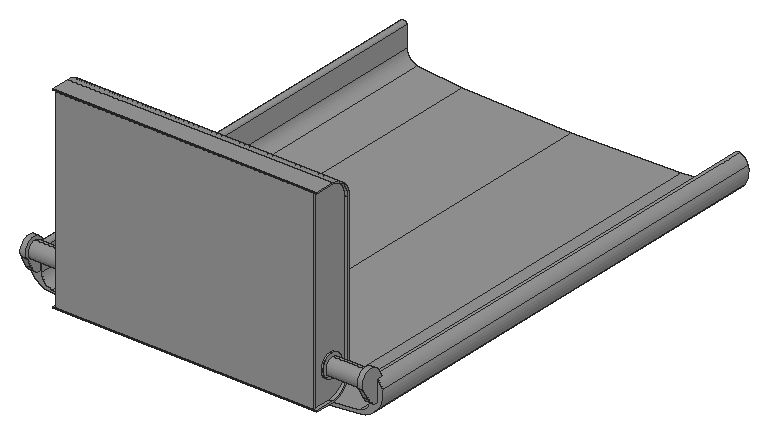
Revit family "3200 Björk Baby changing station", category Furniture Systems, host Wall, Revit 2017
Family settings
  Host = Wall
  Round Connector Dimension = Use Diameter
  Part Type = Normal
  Always vertical = Yes
  Cut with Voids When Loaded = No
  Shared = No
  Room Calculation Point = No
Parameters (values of type "OSLO")
  URL = "http://www.dandryer.com/en-gb/products/baby-changing-stations/3200-bjork-baby-changing-station--white"
  UP = not(Down)  # no
  Type Image = <None>
  Surface = WHITE
  Model = "Björk-3200"
  Manufacturer = "Dan Dryer A/S"
  Down = yes
  Description = "Baby changing table"
  Cost = 0
Types (6, lengths in mm): name | URL | Model | Manufacturer | Description
  BIRK | "http://www.dandryer.dk/da-dk/produkter/produktserie-%E2%80%93-bjork/3000-bjork-haandtoerrer--hvid" | "Björk-3000" | "Dan Dryer" | "Touch-free hand dryer"
  GEO WHITE | "http://www.dandryer.dk/da-dk/produkter/produktserie-%E2%80%93-bjork/3000-bjork-haandtoerrer--hvid" | "Björk-3000" | "Dan Dryer" | "Touch-free hand dryer"
  GRIGIO LONDRA | "http://www.dandryer.dk/da-dk/produkter/produktserie-%E2%80%93-bjork/3000-bjork-haandtoerrer--hvid" | "Björk-3000" | "Dan Dryer" | "Touch-free hand dryer"
  NEGRO INGO | "http://www.dandryer.dk/da-dk/produkter/produktserie-%E2%80%93-bjork/3000-bjork-haandtoerrer--hvid" | "Björk-3000" | "Dan Dryer" | "Touch-free hand dryer"
  OSLO | "http://www.dandryer.com/en-gb/products/baby-changing-stations/3200-bjork-baby-changing-station--white" | "Björk-3200" | "Dan Dryer A/S" | "Baby changing table"
  BIANCO MALE | "http://www.dandryer.dk/da-dk/produkter/produktserie-%E2%80%93-bjork/3000-bjork-haandtoerrer--hvid" | "Björk-3000" | "Dan Dryer" | "Touch-free hand dryer"
Reference planes
  plane 1 "Wall": y = 0
  plane 2 "Center (Left/Right)": x = 125
  plane 3 "Back": y = 75
Forms (mm)
  Extrusion 1, solid, material "WHITE", not visible
    sketch origin (0, 0, 0) x (1, 0, 0) y (0, 1, 0)
      loop
        arc (42.212, 95.366) -> (42.426, 94.946) -> (42.5, 94.481) r 1.5
        line (42.5, 94.481) -> (42.5, 75.3) -> (43.7, 75.3) -> (43.7, 94.481)
        arc (43.7, 94.481) -> (43.567, 95.318) -> (43.181, 96.073) r 2.7
        arc (43.181, 96.073) -> (125, 257.1) -> (206.819, 96.073) r 101.3
        arc (206.819, 96.073) -> (206.433, 95.318) -> (206.3, 94.481) r 2.7
        line (206.3, 94.481) -> (206.3, 75.3) -> (207.5, 75.3) -> (207.5, 94.481)
        arc (207.5, 94.481) -> (207.574, 94.946) -> (207.788, 95.366) r 1.5
        arc (207.788, 95.366) -> (125, 258.3) -> (42.212, 95.366) r 102.5
    from 900 to 1230
  Extrusion 2, void, not visible
    sketch origin (207.5, 94.481, 0) x (0, 1, 0) y (0, 0, -1)
      loop
        line (-19.181, -1225) -> (-19.181, -1230) -> (6.154, -1230)
        arc (6.154, -1230) -> (3.068, -1228.36) -> (2.105, -1225) r 4.47
        line (2.105, -1225) -> (-19.181, -1225)
    from -10.952 to 170.161
  Extrusion 3, void, not visible
    sketch origin (207.5, 94.481, 2130) x (0, 1, 0) y (0, 0, -1)
      loop
        line (-19.181, 1225) -> (2.105, 1225)
        arc (2.105, 1225) -> (3.068, 1228.36) -> (6.154, 1230) r 4.47
        line (6.154, 1230) -> (-19.181, 1230) -> (-19.181, 1225)
    from -6 to 179.451
  Extrusion 4, solid, not visible
    sketch origin (207.5, 75.3, 907) x (0, 1, 0) y (-1, 0, 0)
      loop
        line (0, 163.8) -> (0, 1.2) -> (19.181, 1.2)
        arc (19.181, 1.2) -> (20.018, 1.067) -> (20.773, 0.681) r 2.7
        arc (20.773, 0.681) -> (181.8, 82.5) -> (20.773, 164.319) r 101.3
        arc (20.773, 164.319) -> (20.018, 163.933) -> (19.181, 163.8) r 2.7
        line (19.181, 163.8) -> (0, 163.8)
    from 0 to -2
  Extrusion 5, void, not visible
    sketch origin (206.3, 75.3, 0) x (-1, 0, 0) y (0, 0, 1)
      loop
        arc (83.312, 976) -> (81.303, 978.014) -> (79.288, 976) r 2.012
        line (79.288, 976) -> (79.285, 930)
        arc (79.285, 930) -> (81.297, 927.986) -> (83.312, 930) r 2.012
        line (83.312, 930) -> (83.312, 976)
    from 174.915 to 189.234
  Extrusion 6, solid, not visible
    sketch origin (206.3, 75.3, 0) x (1, 0, 0) y (0, 0, 1)
      loop
        line (-83.312, 975.984) -> (-83.312, 930)
        arc (-83.312, 930) -> (-81.291, 928.118) -> (-79.287, 930.016) r 2.015
        line (-79.287, 930.016) -> (-79.288, 976)
        arc (-79.288, 976) -> (-81.309, 977.882) -> (-83.312, 975.984) r 2.015
    from -182.98 to -174.915
  Extrusion 7, solid, not visible
    sketch origin (0, 0, 0) x (1, 0, 0) y (0, 1, 0)
      loop
        arc (42.212, 95.366) -> (42.426, 94.946) -> (42.5, 94.481) r 1.5
        line (42.5, 94.481) -> (42.5, 75.3) -> (43.7, 75.3) -> (43.7, 94.481)
        arc (43.7, 94.481) -> (43.567, 95.318) -> (43.181, 96.073) r 2.7
        arc (43.181, 96.073) -> (125, 257.1) -> (206.819, 96.073) r 101.3
        arc (206.819, 96.073) -> (206.433, 95.318) -> (206.3, 94.481) r 2.7
        line (206.3, 94.481) -> (206.3, 75.3) -> (207.5, 75.3) -> (207.5, 94.481)
        arc (207.5, 94.481) -> (207.574, 94.946) -> (207.788, 95.366) r 1.5
        arc (207.788, 95.366) -> (125, 258.3) -> (42.212, 95.366) r 102.5
    from 900 to 1230
Text (mm)
  text "Placement Side" at (-1848.837, 1116.779, 0), in view "Ref. Level"
  text "Placement side" at (0, 1409.804, 2854.306), in view "Left"
  text "Placement side" at (0, 499.811, 2980.732), in view "Right"
Dimensions and locks
  locked: plane 3 "Back" to host wall
  aligned and locked: plane 1 "Wall" to host wall
  aligned and locked: plane 3 "Back" to nested 1
  aligned and locked: host wall to nested 1
Nested families
  nested 1: "Baby Changing station" at (125, 75, 1100), type "Baby Changing station"
    with Table up no
Definition of nested family "Baby Changing station"
  Parameters (values of type "Master changing table")
    Table up = yes
    Table down = yes
    Surface = none
  Reference planes
    plane 1 "Center (Front/Back)": y = 0
    plane 2: z = 0
    plane 3 "Center (Left/Right)": x = 0
  Forms (mm)
    Extrusion 1, solid, material <- "Surface"
      sketch origin (205, 367.912, 256.022) x (0, 1, 0) y (0, 0, 1)
        loop
          line (-368.006, 0) -> (-368.006, -1.5) -> (-337.756, -1.5)
          arc (-337.756, -1.5) -> (-316.543, -10.287) -> (-307.756, -31.5) r 30
          line (-307.756, -31.5) -> (-307.756, -273.5)
          arc (-307.756, -273.5) -> (-316.543, -294.713) -> (-337.756, -303.5) r 30
          line (-337.756, -303.5) -> (-368.006, -303.5) -> (-368.006, -305) -> (-337.756, -305)
          arc (-337.756, -305) -> (-315.482, -295.774) -> (-306.256, -273.5) r 31.5
          line (-306.256, -273.5) -> (-306.256, -31.5)
          arc (-306.256, -31.5) -> (-315.482, -9.226) -> (-337.756, 0) r 31.5
          line (-337.756, 0) -> (-368.006, 0)
      from -410.457 to 0.457
    Extrusion 2, solid, material <- "Surface"
      sketch origin (-200, 30.056, 103.522) x (0, -1, 0) y (0, 0, 1)
        loop
          line (28.149, 150) -> (0.649, 150)
          arc (0.649, 150) -> (-20.564, 141.213) -> (-29.351, 120) r 30
          line (-29.351, 120) -> (-29.351, -120)
          arc (-29.351, -120) -> (-20.564, -141.213) -> (0.649, -150) r 30
          line (0.649, -150) -> (28.149, -150) -> (28.149, 150)
      from 0 to -1.5
    Extrusion 3, solid, material <- "Surface"
      sketch origin (200, 30.056, 103.522) x (0, -1, 0) y (0, 0, -1)
        loop
          line (28.149, -150) -> (28.149, 150) -> (0.649, 150)
          arc (0.649, 150) -> (-20.564, 141.213) -> (-29.351, 120) r 30
          line (-29.351, 120) -> (-29.351, -120)
          arc (-29.351, -120) -> (-20.564, -141.213) -> (0.649, -150) r 30
          line (0.649, -150) -> (28.149, -150)
      from 0 to -1.5
    Extrusion 4, solid, material <- "Surface", visible <- "Table down"
      sketch origin (0, 750.106, -53.254) x (-1, 0, 0) y (0, 0, 1)
        loop
          line (-255, 19.726) -> (-255, 51.373)
          arc (-255, 51.373) -> (-257.243, 55.544) -> (-261.96, 55.973) r 5
          arc (-261.96, 55.973) -> (-270.039, 50.067) -> (-274.685, 41.203) r 22.097
          arc (-274.685, 41.203) -> (-275.07, 26.076) -> (-268.731, 12.336) r 33.351
          arc (-268.731, 12.336) -> (-256.485, 1.616) -> (-241.13, -3.778) r 42.947
          arc (-241.13, -3.778) -> (-205.836, -8.031) -> (-170.362, -10.357) r 652.663
          arc (-170.362, -10.357) -> (-85.196, -12.728) -> (0, -13.33) r 4102.572
          arc (0, -13.33) -> (85.196, -12.728) -> (170.362, -10.357) r 4102.572
          arc (170.362, -10.357) -> (205.836, -8.031) -> (241.13, -3.778) r 652.663
          arc (241.13, -3.778) -> (256.485, 1.616) -> (268.731, 12.336) r 42.947
          arc (268.731, 12.336) -> (275.07, 26.076) -> (274.685, 41.203) r 33.351
          arc (274.685, 41.203) -> (270.039, 50.067) -> (261.96, 55.973) r 22.097
          arc (261.96, 55.973) -> (257.243, 55.544) -> (255, 51.373) r 5
          line (255, 51.373) -> (255, 19.726)
          arc (255, 19.726) -> (250.375, 7.3) -> (238.751, 0.923) r 19.004
          arc (238.751, 0.923) -> (204.558, -3.146) -> (170.196, -5.363) r 637.149
          arc (170.196, -5.363) -> (85.113, -7.758) -> (0, -8.582) r 4609.967
          arc (0, -8.582) -> (-85.113, -7.758) -> (-170.196, -5.363) r 4609.967
          arc (-170.196, -5.363) -> (-204.558, -3.146) -> (-238.751, 0.923) r 637.149
          arc (-238.751, 0.923) -> (-250.375, 7.3) -> (-255, 19.726) r 19.004
      from -709.566 to 0
    Extrusion 5, solid, material <- "Surface", visible <- "Table down"
      sketch origin (258, 29.906, 2.522) x (0, 0, 1) y (0, 1, 0)
        loop
          line (8.4, 14.549) -> (-2.6, 20.9)
          arc (-2.6, 20.9) -> (-4.503, 22.803) -> (-5.2, 25.403) r 5.2
          line (-5.2, 25.403) -> (-5.2, 41.674) -> (-6, 41.383) -> (-6, 177.6)
          arc (-6, 177.6) -> (-6.879, 179.721) -> (-9, 180.6) r 3
          line (-9, 180.6) -> (-33, 180.6)
          arc (-33, 180.6) -> (-35.121, 179.721) -> (-36, 177.6) r 3
          line (-36, 177.6) -> (-36, 30.464) -> (-36.8, 30.172) -> (-36.8, 16.166)
          arc (-36.8, 16.166) -> (-33.477, 3.766) -> (-24.4, -5.312) r 24.8
          line (-24.4, -5.312) -> (-8.4, -14.549)
          arc (-8.4, -14.549) -> (14.549, -8.4) -> (8.4, 14.549) r 16.8
      from -8 to 0
    Extrusion 6, solid, material <- "Surface", visible <- "Table down"
      sketch origin (-266, 29.906, 2.522) x (0, 0, 1) y (0, 1, 0)
        loop
          line (8.4, 14.549) -> (-2.6, 20.9)
          arc (-2.6, 20.9) -> (-4.503, 22.803) -> (-5.2, 25.403) r 5.2
          line (-5.2, 25.403) -> (-5.2, 41.674) -> (-6, 41.383) -> (-6, 177.6)
          arc (-6, 177.6) -> (-6.879, 179.721) -> (-9, 180.6) r 3
          line (-9, 180.6) -> (-33, 180.6)
          arc (-33, 180.6) -> (-35.121, 179.721) -> (-36, 177.6) r 3
          line (-36, 177.6) -> (-36, 30.464) -> (-36.8, 30.172) -> (-36.8, 16.166)
          arc (-36.8, 16.166) -> (-33.477, 3.766) -> (-24.4, -5.312) r 24.8
          line (-24.4, -5.312) -> (-8.4, -14.549)
          arc (-8.4, -14.549) -> (14.549, -8.4) -> (8.4, 14.549) r 16.8
      from -8 to 0
    Extrusion 7, solid, material <- "Surface"
      sketch origin (-258, 31.072, 1.856) x (0, 0, -1) y (0, 1, 0)
        loop
          circle (-0.065, 0.035) r 17.549
      from 53 to 462.5
    Extrusion 8, solid, material <- "Surface", visible <- "Table up"
      sketch origin (0, 85.702, 722.747) x (-1, 0, 0) y (0, -1, 0)
        loop
          line (-255, 19.726) -> (-255, 51.373)
          arc (-255, 51.373) -> (-257.243, 55.544) -> (-261.96, 55.973) r 5
          arc (-261.96, 55.973) -> (-270.039, 50.067) -> (-274.685, 41.203) r 22.097
          arc (-274.685, 41.203) -> (-275.07, 26.076) -> (-268.731, 12.336) r 33.351
          arc (-268.731, 12.336) -> (-256.485, 1.616) -> (-241.13, -3.778) r 42.947
          arc (-241.13, -3.778) -> (-205.836, -8.031) -> (-170.362, -10.357) r 652.663
          arc (-170.362, -10.357) -> (-85.196, -12.728) -> (0, -13.33) r 4102.572
          arc (0, -13.33) -> (85.196, -12.728) -> (170.362, -10.357) r 4102.572
          arc (170.362, -10.357) -> (205.836, -8.031) -> (241.13, -3.778) r 652.663
          arc (241.13, -3.778) -> (256.485, 1.616) -> (268.731, 12.336) r 42.947
          arc (268.731, 12.336) -> (275.07, 26.076) -> (274.685, 41.203) r 33.351
          arc (274.685, 41.203) -> (270.039, 50.067) -> (261.96, 55.973) r 22.097
          arc (261.96, 55.973) -> (257.243, 55.544) -> (255, 51.373) r 5
          line (255, 51.373) -> (255, 19.726)
          arc (255, 19.726) -> (250.375, 7.3) -> (238.751, 0.923) r 19.004
          arc (238.751, 0.923) -> (204.558, -3.146) -> (170.196, -5.363) r 637.149
          arc (170.196, -5.363) -> (85.113, -7.758) -> (0, -8.582) r 4609.967
          arc (0, -8.582) -> (-85.113, -7.758) -> (-170.196, -5.363) r 4609.967
          arc (-170.196, -5.363) -> (-204.558, -3.146) -> (-238.751, 0.923) r 637.149
          arc (-238.751, 0.923) -> (-250.375, 7.3) -> (-255, 19.726) r 19.004
      from -709.566 to 0
    Extrusion 9, solid, material <- "Surface", visible <- "Table up"
      sketch origin (258, 29.925, 2.547) x (0, -1, 0) y (0, 0, 1)
        loop
          line (8.4, 14.549) -> (-2.6, 20.9)
          arc (-2.6, 20.9) -> (-4.503, 22.803) -> (-5.2, 25.403) r 5.2
          line (-5.2, 25.403) -> (-5.2, 41.674) -> (-6, 41.383) -> (-6, 177.6)
          arc (-6, 177.6) -> (-6.879, 179.721) -> (-9, 180.6) r 3
          line (-9, 180.6) -> (-33, 180.6)
          arc (-33, 180.6) -> (-35.121, 179.721) -> (-36, 177.6) r 3
          line (-36, 177.6) -> (-36, 30.464) -> (-36.8, 30.172) -> (-36.8, 16.166)
          arc (-36.8, 16.166) -> (-33.477, 3.766) -> (-24.4, -5.312) r 24.8
          line (-24.4, -5.312) -> (-8.4, -14.549)
          arc (-8.4, -14.549) -> (14.549, -8.4) -> (8.4, 14.549) r 16.8
      from -8 to 0
    Extrusion 10, solid, material <- "Surface", visible <- "Table up"
      sketch origin (-266, 29.925, 2.547) x (0, -1, 0) y (0, 0, 1)
        loop
          line (8.4, 14.549) -> (-2.6, 20.9)
          arc (-2.6, 20.9) -> (-4.503, 22.803) -> (-5.2, 25.403) r 5.2
          line (-5.2, 25.403) -> (-5.2, 41.674) -> (-6, 41.383) -> (-6, 177.6)
          arc (-6, 177.6) -> (-6.879, 179.721) -> (-9, 180.6) r 3
          line (-9, 180.6) -> (-33, 180.6)
          arc (-33, 180.6) -> (-35.121, 179.721) -> (-36, 177.6) r 3
          line (-36, 177.6) -> (-36, 30.464) -> (-36.8, 30.172) -> (-36.8, 16.166)
          arc (-36.8, 16.166) -> (-33.477, 3.766) -> (-24.4, -5.312) r 24.8
          line (-24.4, -5.312) -> (-8.4, -14.549)
          arc (-8.4, -14.549) -> (14.549, -8.4) -> (8.4, 14.549) r 16.8
      from -8 to 0
    Extrusion 11, solid, material <- "Surface"
      sketch origin (-258, 30.572, 1.856) x (0, 0, -1) y (0, 1, 0)
        loop
          circle (-0.065, 0.035) r 13.035
      from 0 to 516
    Extrusion 12, solid, material <- "Surface"
      sketch origin (-258, 30.572, 1.856) x (0, 0, -1) y (0, 1, 0)
        loop
          circle (-0.065, 0.035) r 16.835
      from 54.88 to 461.953
    Extrusion 13, solid, material <- "Surface"
      sketch origin (-5125, -0.094, -947.478) x (-1, 0, 0) y (0, 0, 1)
        loop
          line (-5325, 1202) -> (-5325, 900) -> (-4925, 900) -> (-4925, 1202) -> (-5325, 1202)
      from 0 to 2
    Extrusion 14, solid, not visible
      sketch origin (-5000, 75, 0) x (-1, 0, 0) y (0, 0, 1)
        loop
          line (-5325, 1202) -> (-5325, 900) -> (-4925, 900) -> (-4925, 1202) -> (-5325, 1202)
      from 0 to 2
    Extrusion 15, solid, not visible
      sketch origin (330, 443.006, 1203.5) x (0, 1, 0) y (0, 0, 1)
        loop
          line (-368.006, 0) -> (-368.006, -1.5) -> (-337.756, -1.5)
          arc (-337.756, -1.5) -> (-316.543, -10.287) -> (-307.756, -31.5) r 30
          line (-307.756, -31.5) -> (-307.756, -273.5)
          arc (-307.756, -273.5) -> (-316.543, -294.713) -> (-337.756, -303.5) r 30
          line (-337.756, -303.5) -> (-368.006, -303.5) -> (-368.006, -305) -> (-337.756, -305)
          arc (-337.756, -305) -> (-315.482, -295.774) -> (-306.256, -273.5) r 31.5
          line (-306.256, -273.5) -> (-306.256, -31.5)
          arc (-306.256, -31.5) -> (-315.482, -9.226) -> (-337.756, 0) r 31.5
          line (-337.756, 0) -> (-368.006, 0)
      from -410.457 to 0.457
    Sweep 16, void, not visible
      path origin (330, 443.006, 1203.5) x (0, 1, 0) y (0, 0, 1)
        loop
          line (-368.006, -305) -> (-337.756, -305)
          arc (-337.756, -305) -> (-315.482, -295.774) -> (-306.256, -273.5) r 31.5
          line (-306.256, -273.5) -> (-306.256, -31.5)
          arc (-306.256, -31.5) -> (-315.482, -9.226) -> (-337.756, 0) r 31.5
          line (-337.756, 0) -> (-368.006, 0)
      profile origin (330, 90.125, 1203.5) x (0, 0, -1) y (1, 0, 0)
        loop
          line (0, 0.457) -> (0, -0.75)
          arc (0, -0.75) -> (0.75, 0) -> (1.5, -0.75) r 0.75
          line (1.5, -0.75) -> (1.5, 0.457) -> (0, 0.457)
    Sweep 17, void, not visible
      path origin (-80, 443.006, 1203.5) x (0, 1, 0) y (0, 0, -1)
        loop
          line (-368.006, 305) -> (-337.756, 305)
          arc (-337.756, 305) -> (-315.482, 295.774) -> (-306.256, 273.5) r 31.5
          line (-306.256, 273.5) -> (-306.256, 31.5)
          arc (-306.256, 31.5) -> (-315.482, 9.226) -> (-337.756, 0) r 31.5
          line (-337.756, 0) -> (-368.006, 0)
      profile origin (-80, 90.125, 1203.5) x (0, 0, 1) y (-1, 0, 0)
        loop
          line (0, 0.457) -> (-1.5, 0.457) -> (-1.5, -0.75)
          arc (-1.5, -0.75) -> (-0.75, 0) -> (0, -0.75) r 0.75
          line (0, -0.75) -> (0, 0.457)
    Extrusion 18, solid, not visible
      sketch origin (-75, 105.149, 1051) x (0, -1, 0) y (0, 0, 1)
        loop
          line (28.149, 150) -> (0.649, 150)
          arc (0.649, 150) -> (-20.564, 141.213) -> (-29.351, 120) r 30
          line (-29.351, 120) -> (-29.351, -120)
          arc (-29.351, -120) -> (-20.564, -141.213) -> (0.649, -150) r 30
          line (0.649, -150) -> (28.149, -150) -> (28.149, 150)
      from 0 to -1.5
    Extrusion 19, solid, not visible
      sketch origin (325, 105.149, 1051) x (0, -1, 0) y (0, 0, -1)
        loop
          line (28.149, -150) -> (28.149, 150) -> (0.649, 150)
          arc (0.649, 150) -> (-20.564, 141.213) -> (-29.351, 120) r 30
          line (-29.351, 120) -> (-29.351, -120)
          arc (-29.351, -120) -> (-20.564, -141.213) -> (0.649, -150) r 30
          line (0.649, -150) -> (28.149, -150)
      from 0 to -1.5
    Extrusion 20, void, not visible
      sketch origin (-75, 105.149, 1051) x (0, 1, 0) y (0, 0, 1)
        loop
          circle (-0.114, -100.935) r 17.549
      from 404.5 to -5
    Extrusion 21, solid, visible <- "Table down", not visible
      sketch origin (125, 825.199, 894.224) x (-1, 0, 0) y (0, 0, 1)
        loop
          line (-255, 19.726) -> (-255, 51.373)
          arc (-255, 51.373) -> (-257.243, 55.544) -> (-261.96, 55.973) r 5
          arc (-261.96, 55.973) -> (-270.039, 50.067) -> (-274.685, 41.203) r 22.097
          arc (-274.685, 41.203) -> (-275.07, 26.076) -> (-268.731, 12.336) r 33.351
          arc (-268.731, 12.336) -> (-256.485, 1.616) -> (-241.13, -3.778) r 42.947
          arc (-241.13, -3.778) -> (-205.836, -8.031) -> (-170.362, -10.357) r 652.663
          arc (-170.362, -10.357) -> (-85.196, -12.728) -> (0, -13.33) r 4102.572
          arc (0, -13.33) -> (85.196, -12.728) -> (170.362, -10.357) r 4102.572
          arc (170.362, -10.357) -> (205.836, -8.031) -> (241.13, -3.778) r 652.663
          arc (241.13, -3.778) -> (256.485, 1.616) -> (268.731, 12.336) r 42.947
          arc (268.731, 12.336) -> (275.07, 26.076) -> (274.685, 41.203) r 33.351
          arc (274.685, 41.203) -> (270.039, 50.067) -> (261.96, 55.973) r 22.097
          arc (261.96, 55.973) -> (257.243, 55.544) -> (255, 51.373) r 5
          line (255, 51.373) -> (255, 19.726)
          arc (255, 19.726) -> (250.375, 7.3) -> (238.751, 0.923) r 19.004
          arc (238.751, 0.923) -> (204.558, -3.146) -> (170.196, -5.363) r 637.149
          arc (170.196, -5.363) -> (85.113, -7.758) -> (0, -8.582) r 4609.967
          arc (0, -8.582) -> (-85.113, -7.758) -> (-170.196, -5.363) r 4609.967
          arc (-170.196, -5.363) -> (-204.558, -3.146) -> (-238.751, 0.923) r 637.149
          arc (-238.751, 0.923) -> (-250.375, 7.3) -> (-255, 19.726) r 19.004
      from -709.566 to 0
    Sweep 22, void, not visible
      path origin (125, 825.199, 894.224) x (-1, 0, 0) y (0, 0, 1)
        loop
          arc (-261.96, 55.973) -> (-270.039, 50.067) -> (-274.685, 41.203) r 22.097
          arc (-274.685, 41.203) -> (-275.07, 26.076) -> (-268.731, 12.336) r 33.351
          arc (-268.731, 12.336) -> (-256.485, 1.616) -> (-241.13, -3.778) r 42.947
          arc (-241.13, -3.778) -> (-205.836, -8.031) -> (-170.362, -10.357) r 652.663
          arc (-170.362, -10.357) -> (-85.196, -12.728) -> (0, -13.33) r 4102.572
          arc (0, -13.33) -> (85.196, -12.728) -> (170.362, -10.357) r 4102.572
          arc (170.362, -10.357) -> (205.836, -8.031) -> (241.13, -3.778) r 652.663
          arc (241.13, -3.778) -> (256.485, 1.616) -> (268.731, 12.336) r 42.947
          arc (268.731, 12.336) -> (275.07, 26.076) -> (274.685, 41.203) r 33.351
          arc (274.685, 41.203) -> (270.039, 50.067) -> (261.96, 55.973) r 22.097
          arc (261.96, 55.973) -> (257.243, 55.544) -> (255, 51.373) r 5
          line (255, 51.373) -> (255, 19.726)
          arc (255, 19.726) -> (250.375, 7.3) -> (238.751, 0.923) r 19.004
          arc (238.751, 0.923) -> (204.558, -3.146) -> (170.196, -5.363) r 637.149
          arc (170.196, -5.363) -> (85.113, -7.758) -> (0, -8.582) r 4609.967
          arc (0, -8.582) -> (-85.113, -7.758) -> (-170.196, -5.363) r 4609.967
          arc (-170.196, -5.363) -> (-204.558, -3.146) -> (-238.751, 0.923) r 637.149
          arc (-238.751, 0.923) -> (-250.375, 7.3) -> (-255, 19.726) r 19.004
          line (-255, 19.726) -> (-255, 51.373)
          arc (-255, 51.373) -> (-257.243, 55.544) -> (-261.96, 55.973) r 5
      profile origin (395.039, 825.199, 944.291) x (-0.757606, 0, -0.652712) y (0, 1, 0)
        loop
          arc (0, -1.006) -> (0.295, -0.295) -> (1.006, 0) r 1.006
          line (1.006, 0) -> (0, 0) -> (0, -1.006)
    Extrusion 23, void, not visible
      sketch origin (-141, 105, 950) x (0, 0, 1) y (0, 1, 0)
        loop
          line (-93.281, 10.633) -> (14.517, 10.633) -> (14.517, 49.868) -> (-93.281, 10.633)
      from -603.294 to 94
    Extrusion 24, solid, visible <- "Table down", not visible
      sketch origin (383, 105, 950) x (0, 0, 1) y (0, 1, 0)
        loop
          line (8.4, 14.549) -> (-2.6, 20.9)
          arc (-2.6, 20.9) -> (-4.503, 22.803) -> (-5.2, 25.403) r 5.2
          line (-5.2, 25.403) -> (-5.2, 41.674) -> (-6, 41.383) -> (-6, 177.6)
          arc (-6, 177.6) -> (-6.879, 179.721) -> (-9, 180.6) r 3
          line (-9, 180.6) -> (-33, 180.6)
          arc (-33, 180.6) -> (-35.121, 179.721) -> (-36, 177.6) r 3
          line (-36, 177.6) -> (-36, 30.464) -> (-36.8, 30.172) -> (-36.8, 16.166)
          arc (-36.8, 16.166) -> (-33.477, 3.766) -> (-24.4, -5.312) r 24.8
          line (-24.4, -5.312) -> (-8.4, -14.549)
          arc (-8.4, -14.549) -> (14.549, -8.4) -> (8.4, 14.549) r 16.8
      from -8 to 0
    Extrusion 25, solid, visible <- "Table down", not visible
      sketch origin (-141, 105, 950) x (0, 0, 1) y (0, 1, 0)
        loop
          line (8.4, 14.549) -> (-2.6, 20.9)
          arc (-2.6, 20.9) -> (-4.503, 22.803) -> (-5.2, 25.403) r 5.2
          line (-5.2, 25.403) -> (-5.2, 41.674) -> (-6, 41.383) -> (-6, 177.6)
          arc (-6, 177.6) -> (-6.879, 179.721) -> (-9, 180.6) r 3
          line (-9, 180.6) -> (-33, 180.6)
          arc (-33, 180.6) -> (-35.121, 179.721) -> (-36, 177.6) r 3
          line (-36, 177.6) -> (-36, 30.464) -> (-36.8, 30.172) -> (-36.8, 16.166)
          arc (-36.8, 16.166) -> (-33.477, 3.766) -> (-24.4, -5.312) r 24.8
          line (-24.4, -5.312) -> (-8.4, -14.549)
          arc (-8.4, -14.549) -> (14.549, -8.4) -> (8.4, 14.549) r 16.8
      from -8 to 0
    Extrusion 26, solid, not visible
      sketch origin (-133, 106.166, 949.334) x (0, 0, -1) y (0, 1, 0)
        loop
          circle (-0.065, 0.035) r 17.549
      from 53 to 462.5
    Extrusion 27, solid, visible <- "Table up", not visible
      sketch origin (125, 160.795, 1670.224) x (-1, 0, 0) y (0, -1, 0)
        loop
          line (-255, 19.726) -> (-255, 51.373)
          arc (-255, 51.373) -> (-257.243, 55.544) -> (-261.96, 55.973) r 5
          arc (-261.96, 55.973) -> (-270.039, 50.067) -> (-274.685, 41.203) r 22.097
          arc (-274.685, 41.203) -> (-275.07, 26.076) -> (-268.731, 12.336) r 33.351
          arc (-268.731, 12.336) -> (-256.485, 1.616) -> (-241.13, -3.778) r 42.947
          arc (-241.13, -3.778) -> (-205.836, -8.031) -> (-170.362, -10.357) r 652.663
          arc (-170.362, -10.357) -> (-85.196, -12.728) -> (0, -13.33) r 4102.572
          arc (0, -13.33) -> (85.196, -12.728) -> (170.362, -10.357) r 4102.572
          arc (170.362, -10.357) -> (205.836, -8.031) -> (241.13, -3.778) r 652.663
          arc (241.13, -3.778) -> (256.485, 1.616) -> (268.731, 12.336) r 42.947
          arc (268.731, 12.336) -> (275.07, 26.076) -> (274.685, 41.203) r 33.351
          arc (274.685, 41.203) -> (270.039, 50.067) -> (261.96, 55.973) r 22.097
          arc (261.96, 55.973) -> (257.243, 55.544) -> (255, 51.373) r 5
          line (255, 51.373) -> (255, 19.726)
          arc (255, 19.726) -> (250.375, 7.3) -> (238.751, 0.923) r 19.004
          arc (238.751, 0.923) -> (204.558, -3.146) -> (170.196, -5.363) r 637.149
          arc (170.196, -5.363) -> (85.113, -7.758) -> (0, -8.582) r 4609.967
          arc (0, -8.582) -> (-85.113, -7.758) -> (-170.196, -5.363) r 4609.967
          arc (-170.196, -5.363) -> (-204.558, -3.146) -> (-238.751, 0.923) r 637.149
          arc (-238.751, 0.923) -> (-250.375, 7.3) -> (-255, 19.726) r 19.004
      from -709.566 to 0
    Sweep 28, void, not visible
      path origin (125, 160.795, 1670.224) x (-1, 0, 0) y (0, -1, 0)
        loop
          arc (-261.96, 55.973) -> (-270.039, 50.067) -> (-274.685, 41.203) r 22.097
          arc (-274.685, 41.203) -> (-275.07, 26.076) -> (-268.731, 12.336) r 33.351
          arc (-268.731, 12.336) -> (-256.485, 1.616) -> (-241.13, -3.778) r 42.947
          arc (-241.13, -3.778) -> (-205.836, -8.031) -> (-170.362, -10.357) r 652.663
          arc (-170.362, -10.357) -> (-85.196, -12.728) -> (0, -13.33) r 4102.572
          arc (0, -13.33) -> (85.196, -12.728) -> (170.362, -10.357) r 4102.572
          arc (170.362, -10.357) -> (205.836, -8.031) -> (241.13, -3.778) r 652.663
          arc (241.13, -3.778) -> (256.485, 1.616) -> (268.731, 12.336) r 42.947
          arc (268.731, 12.336) -> (275.07, 26.076) -> (274.685, 41.203) r 33.351
          arc (274.685, 41.203) -> (270.039, 50.067) -> (261.96, 55.973) r 22.097
          arc (261.96, 55.973) -> (257.243, 55.544) -> (255, 51.373) r 5
          line (255, 51.373) -> (255, 19.726)
          arc (255, 19.726) -> (250.375, 7.3) -> (238.751, 0.923) r 19.004
          arc (238.751, 0.923) -> (204.558, -3.146) -> (170.196, -5.363) r 637.149
          arc (170.196, -5.363) -> (85.113, -7.758) -> (0, -8.582) r 4609.967
          arc (0, -8.582) -> (-85.113, -7.758) -> (-170.196, -5.363) r 4609.967
          arc (-170.196, -5.363) -> (-204.558, -3.146) -> (-238.751, 0.923) r 637.149
          arc (-238.751, 0.923) -> (-250.375, 7.3) -> (-255, 19.726) r 19.004
          line (-255, 19.726) -> (-255, 51.373)
          arc (-255, 51.373) -> (-257.243, 55.544) -> (-261.96, 55.973) r 5
      profile origin (395.039, 110.728, 1670.224) x (-0.757606, 0.652712, 0) y (0, 0, 1)
        loop
          arc (0, -1.006) -> (0.295, -0.295) -> (1.006, 0) r 1.006
          line (1.006, 0) -> (0, 0) -> (0, -1.006)
    Extrusion 29, void, not visible
      sketch origin (-141, 105.019, 950.025) x (0, -1, 0) y (0, 0, 1)
        loop
          line (-93.281, 10.633) -> (14.517, 10.633) -> (14.517, 49.868) -> (-93.281, 10.633)
      from -603.294 to 94
    Extrusion 30, solid, visible <- "Table up", not visible
      sketch origin (383, 105.019, 950.025) x (0, -1, 0) y (0, 0, 1)
        loop
          line (8.4, 14.549) -> (-2.6, 20.9)
          arc (-2.6, 20.9) -> (-4.503, 22.803) -> (-5.2, 25.403) r 5.2
          line (-5.2, 25.403) -> (-5.2, 41.674) -> (-6, 41.383) -> (-6, 177.6)
          arc (-6, 177.6) -> (-6.879, 179.721) -> (-9, 180.6) r 3
          line (-9, 180.6) -> (-33, 180.6)
          arc (-33, 180.6) -> (-35.121, 179.721) -> (-36, 177.6) r 3
          line (-36, 177.6) -> (-36, 30.464) -> (-36.8, 30.172) -> (-36.8, 16.166)
          arc (-36.8, 16.166) -> (-33.477, 3.766) -> (-24.4, -5.312) r 24.8
          line (-24.4, -5.312) -> (-8.4, -14.549)
          arc (-8.4, -14.549) -> (14.549, -8.4) -> (8.4, 14.549) r 16.8
      from -8 to 0
    Extrusion 31, solid, visible <- "Table up", not visible
      sketch origin (-141, 105.019, 950.025) x (0, -1, 0) y (0, 0, 1)
        loop
          line (8.4, 14.549) -> (-2.6, 20.9)
          arc (-2.6, 20.9) -> (-4.503, 22.803) -> (-5.2, 25.403) r 5.2
          line (-5.2, 25.403) -> (-5.2, 41.674) -> (-6, 41.383) -> (-6, 177.6)
          arc (-6, 177.6) -> (-6.879, 179.721) -> (-9, 180.6) r 3
          line (-9, 180.6) -> (-33, 180.6)
          arc (-33, 180.6) -> (-35.121, 179.721) -> (-36, 177.6) r 3
          line (-36, 177.6) -> (-36, 30.464) -> (-36.8, 30.172) -> (-36.8, 16.166)
          arc (-36.8, 16.166) -> (-33.477, 3.766) -> (-24.4, -5.312) r 24.8
          line (-24.4, -5.312) -> (-8.4, -14.549)
          arc (-8.4, -14.549) -> (14.549, -8.4) -> (8.4, 14.549) r 16.8
      from -8 to 0
    Extrusion 32, solid, not visible
      sketch origin (-133, 105.666, 949.334) x (0, 0, -1) y (0, 1, 0)
        loop
          circle (-0.065, 0.035) r 13.035
      from 0 to 516
    Extrusion 33, solid, not visible
      sketch origin (-133, 105.666, 949.334) x (0, 0, -1) y (0, 1, 0)
        loop
          circle (-0.065, 0.035) r 16.835
      from 54.88 to 461.953
  Lines and regions (mm)
    reference lines, not visible
      curve 1: line (125, 825.199, 1226.874) -> (125, 825.199, 885.642)
      curve 2: line (125, 419.974, 1670.224) -> (125, -185.026, 1670.224)
  Dimensions and locks
    locked: Extrusion 13 to Extrusion 13 at 2
    aligned and locked: level to plane 2
    aligned and locked: Extrusion 3 to Extrusion 13
